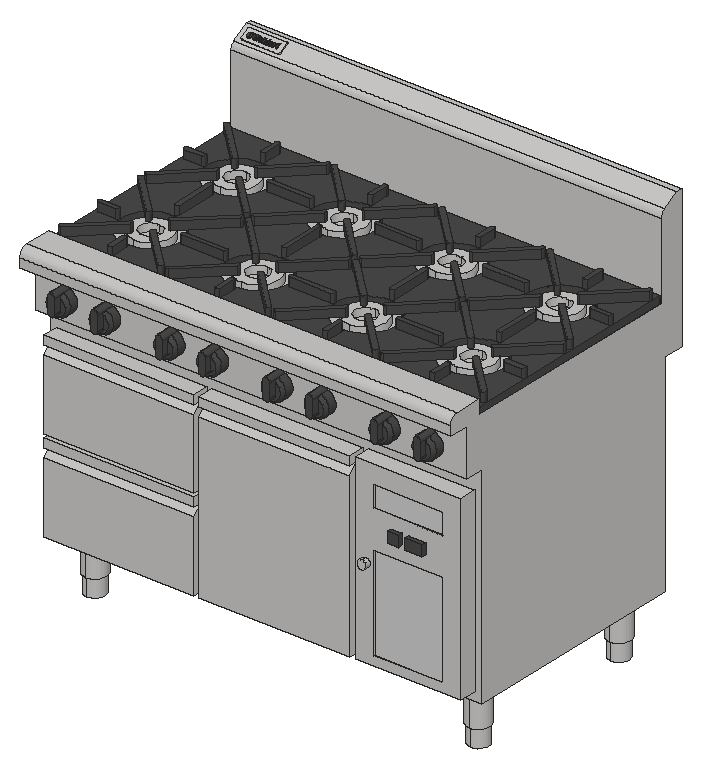
Revit family "QF_MOFFAT WALDORF_RN8800G-RB", category Specialty Equipment, Revit 2012 (continued)
Lines and regions (mm)
  symbolic lines
    curve 16: line (289.562, -20.984, 0) -> (269.562, -20.984, 0)
    curve 17: line (329.562, -20.984, 0) -> (329.562, -50.782, 0)
    curve 18: line (329.562, -50.782, 0) -> (349.562, -50.782, 0)
    curve 19: line (349.562, -50.782, 0) -> (349.562, -20.984, 0)
    curve 20: line (349.562, -20.984, 0) -> (329.562, -20.984, 0)
    curve 21: line (389.563, -50.782, 0) -> (389.563, -20.984, 0)
    curve 22: line (389.563, -20.984, 0) -> (409.563, -20.984, 0)
    curve 23: line (409.563, -20.984, 0) -> (409.563, -50.782, 0)
    curve 24: line (409.563, -50.782, 0) -> (389.563, -50.782, 0)
    curve 25: line (449.563, -20.984, 0) -> (449.563, -50.782, 0)
    curve 26: line (449.563, -50.782, 0) -> (469.563, -50.782, 0)
    curve 27: line (469.563, -50.782, 0) -> (469.563, -20.984, 0)
    curve 28: line (469.563, -20.984, 0) -> (449.563, -20.984, 0)
    curve 29: line (509.563, -20.984, 0) -> (509.563, -50.782, 0)
    curve 30: line (509.563, -50.782, 0) -> (529.563, -50.782, 0)
    curve 31: line (529.563, -50.782, 0) -> (529.563, -20.984, 0)
    curve 32: line (529.563, -20.984, 0) -> (509.563, -20.984, 0)
    curve 33: line (569.563, -50.782, 0) -> (569.563, -20.984, 0)
    curve 34: line (569.563, -20.984, 0) -> (589.563, -20.984, 0)
    curve 35: line (589.563, -20.984, 0) -> (589.563, -50.782, 0)
    curve 36: line (589.563, -50.782, 0) -> (569.563, -50.782, 0)
    curve 37: line (629.563, -20.984, 0) -> (629.563, -50.782, 0)
    curve 38: line (629.563, -50.782, 0) -> (649.563, -50.782, 0)
    curve 39: line (649.563, -50.782, 0) -> (649.563, -20.984, 0)
    curve 40: line (649.563, -20.984, 0) -> (629.563, -20.984, 0)
    curve 41: line (689.563, -20.984, 0) -> (689.563, -50.782, 0)
    curve 42: line (689.563, -50.782, 0) -> (709.563, -50.782, 0)
    curve 43: line (709.563, -50.782, 0) -> (709.563, -20.984, 0)
    curve 44: line (709.563, -20.984, 0) -> (689.563, -20.984, 0)
    curve 45: line (749.563, -50.782, 0) -> (749.563, -20.984, 0)
    curve 46: line (749.563, -20.984, 0) -> (769.563, -20.984, 0)
    curve 47: line (769.563, -20.984, 0) -> (769.563, -50.782, 0)
    curve 48: line (769.563, -50.782, 0) -> (749.563, -50.782, 0)
    curve 49: line (809.563, -20.984, 0) -> (809.563, -50.782, 0)
    curve 50: line (809.563, -50.782, 0) -> (829.563, -50.782, 0)
    curve 51: line (829.563, -50.782, 0) -> (829.563, -20.984, 0)
    curve 52: line (829.563, -20.984, 0) -> (809.563, -20.984, 0)
    curve 53: line (869.563, -20.984, 0) -> (869.563, -50.782, 0)
    curve 54: line (869.563, -50.782, 0) -> (889.563, -50.782, 0)
    curve 55: line (889.563, -50.782, 0) -> (889.563, -20.984, 0)
    curve 56: line (889.563, -20.984, 0) -> (869.563, -20.984, 0)
    curve 57: line (929.563, -50.782, 0) -> (929.563, -20.984, 0)
    curve 58: line (929.563, -20.984, 0) -> (949.563, -20.984, 0)
    curve 59: line (949.563, -20.984, 0) -> (949.563, -50.782, 0)
    curve 60: line (949.563, -50.782, 0) -> (929.563, -50.782, 0)
    curve 61: line (989.563, -20.984, 0) -> (989.563, -50.782, 0)
    curve 62: line (989.563, -50.782, 0) -> (1009.563, -50.782, 0)
    curve 63: line (1009.563, -50.782, 0) -> (1009.563, -20.984, 0)
    curve 64: line (1009.563, -20.984, 0) -> (989.563, -20.984, 0)
    curve 65: arc (150, -153.418, 0) -> (234.082, -237.5, 0) -> (150, -321.582, 0) r 84.082
    curve 66: arc (150, -321.582, 0) -> (65.918, -237.5, 0) -> (150, -153.418, 0) r 84.082
    curve 67: arc (150, -294.5, 0) -> (207, -237.5, 0) -> (150, -180.5, 0) r 57
    curve 68: arc (150, -180.5, 0) -> (93, -237.5, 0) -> (150, -294.5, 0) r 57
    curve 69: arc (450, -321.582, 0) -> (365.918, -237.5, 0) -> (450, -153.418, 0) r 84.082
    curve 70: arc (450, -153.418, 0) -> (534.082, -237.5, 0) -> (450, -321.582, 0) r 84.082
    curve 71: arc (450, -180.5, 0) -> (393, -237.5, 0) -> (450, -294.5, 0) r 57
    curve 72: arc (450, -294.5, 0) -> (507, -237.5, 0) -> (450, -180.5, 0) r 57
    curve 73: arc (450, -621.582, 0) -> (365.918, -537.5, 0) -> (450, -453.418, 0) r 84.082
    curve 74: arc (450, -453.418, 0) -> (534.082, -537.5, 0) -> (450, -621.582, 0) r 84.082
    curve 75: arc (450, -480.5, 0) -> (393, -537.5, 0) -> (450, -594.5, 0) r 57
    curve 76: arc (450, -594.5, 0) -> (507, -537.5, 0) -> (450, -480.5, 0) r 57
    curve 77: arc (150, -453.418, 0) -> (234.082, -537.5, 0) -> (150, -621.582, 0) r 84.082
    curve 78: arc (150, -621.582, 0) -> (65.918, -537.5, 0) -> (150, -453.418, 0) r 84.082
    curve 79: arc (150, -594.5, 0) -> (207, -537.5, 0) -> (150, -480.5, 0) r 57
    curve 80: arc (150, -480.5, 0) -> (93, -537.5, 0) -> (150, -594.5, 0) r 57
    curve 81: arc (750, -153.418, 0) -> (834.082, -237.5, 0) -> (750, -321.582, 0) r 84.082
    curve 82: arc (750, -321.582, 0) -> (665.918, -237.5, 0) -> (750, -153.418, 0) r 84.082
    curve 83: arc (750, -294.5, 0) -> (807, -237.5, 0) -> (750, -180.5, 0) r 57
    curve 84: arc (750, -180.5, 0) -> (693, -237.5, 0) -> (750, -294.5, 0) r 57
    curve 85: arc (750, -453.418, 0) -> (834.082, -537.5, 0) -> (750, -621.582, 0) r 84.082
    curve 86: arc (750, -621.582, 0) -> (665.918, -537.5, 0) -> (750, -453.418, 0) r 84.082
    curve 87: arc (750, -594.5, 0) -> (807, -537.5, 0) -> (750, -480.5, 0) r 57
    curve 88: arc (750, -480.5, 0) -> (693, -537.5, 0) -> (750, -594.5, 0) r 57
    curve 89: arc (1050, -321.582, 0) -> (965.918, -237.5, 0) -> (1050, -153.418, 0) r 84.082
    curve 90: arc (1050, -153.418, 0) -> (1134.082, -237.5, 0) -> (1050, -321.582, 0) r 84.082
    curve 91: arc (1050, -294.5, 0) -> (1107, -237.5, 0) -> (1050, -180.5, 0) r 57
    curve 92: arc (1050, -180.5, 0) -> (993, -237.5, 0) -> (1050, -294.5, 0) r 57
    curve 93: arc (1050, -621.582, 0) -> (965.918, -537.5, 0) -> (1050, -453.418, 0) r 84.082
    curve 94: arc (1050, -453.418, 0) -> (1134.082, -537.5, 0) -> (1050, -621.582, 0) r 84.082
    curve 95: arc (1050, -480.5, 0) -> (993, -537.5, 0) -> (1050, -594.5, 0) r 57
    curve 96: arc (1050, -594.5, 0) -> (1107, -537.5, 0) -> (1050, -480.5, 0) r 57
    curve 97: line (149.548, -91.559, 0) -> (149.548, -150.474, 0)
    curve 98: line (292.985, -93.673, 0) -> (177.661, -208.996, 0)
    curve 99: line (6.308, -93.805, 0) -> (122.981, -210.478, 0)
    curve 100: line (4.051, -237.21, 0) -> (62.934, -237.21, 0)
    curve 101: line (237.206, -237.685, 0) -> (362.206, -237.685, 0)
    curve 102: line (177.414, -264.855, 0) -> (292.362, -379.803, 0)
    curve 103: line (121.919, -265.123, 0) -> (7.026, -380.016, 0)
    curve 104: line (149.925, -324.847, 0) -> (149.925, -444.847, 0)
    curve 105: line (149.548, -683.441, 0) -> (149.548, -624.526, 0)
    curve 106: line (292.985, -681.327, 0) -> (177.661, -566.004, 0)
    curve 107: line (6.308, -681.195, 0) -> (122.981, -564.522, 0)
    curve 108: line (4.051, -537.79, 0) -> (62.934, -537.79, 0)
    curve 109: line (237.206, -537.315, 0) -> (362.206, -537.315, 0)
    curve 110: line (177.414, -510.145, 0) -> (292.362, -395.197, 0)
    curve 111: line (121.919, -509.877, 0) -> (7.026, -394.984, 0)
    curve 112: line (450.452, -91.559, 0) -> (450.452, -150.474, 0)
    curve 113: line (307.015, -93.673, 0) -> (422.339, -208.996, 0)
    curve 114: line (593.692, -93.805, 0) -> (477.019, -210.478, 0)
    curve 115: line (422.586, -264.855, 0) -> (307.638, -379.803, 0)
    curve 116: line (478.081, -265.123, 0) -> (592.974, -380.016, 0)
    curve 117: line (450.075, -324.847, 0) -> (450.075, -444.847, 0)
    curve 118: line (450.452, -683.441, 0) -> (450.452, -624.526, 0)
    curve 119: line (307.015, -681.327, 0) -> (422.339, -566.004, 0)
    curve 120: line (593.692, -681.195, 0) -> (477.019, -564.522, 0)
    curve 121: line (362.794, -537.315, 0) -> (237.794, -537.315, 0)
    curve 122: line (422.586, -510.145, 0) -> (307.638, -395.197, 0)
    curve 123: line (478.081, -509.877, 0) -> (592.974, -394.984, 0)
    curve 124: arc (1050, -153.418, 0) -> (965.918, -237.5, 0) -> (1050, -321.582, 0) r 84.082
    curve 125: arc (1050, -321.582, 0) -> (1134.082, -237.5, 0) -> (1050, -153.418, 0) r 84.082
    curve 126: arc (1050, -294.5, 0) -> (993, -237.5, 0) -> (1050, -180.5, 0) r 57
    curve 127: arc (1050, -180.5, 0) -> (1107, -237.5, 0) -> (1050, -294.5, 0) r 57
    curve 128: arc (750, -321.582, 0) -> (834.082, -237.5, 0) -> (750, -153.418, 0) r 84.082
    curve 129: arc (750, -153.418, 0) -> (665.918, -237.5, 0) -> (750, -321.582, 0) r 84.082
    curve 130: arc (750, -180.5, 0) -> (807, -237.5, 0) -> (750, -294.5, 0) r 57
    curve 131: arc (750, -294.5, 0) -> (693, -237.5, 0) -> (750, -180.5, 0) r 57
    curve 132: arc (750, -621.582, 0) -> (834.082, -537.5, 0) -> (750, -453.418, 0) r 84.082
    curve 133: arc (750, -453.418, 0) -> (665.918, -537.5, 0) -> (750, -621.582, 0) r 84.082
    curve 134: arc (750, -480.5, 0) -> (807, -537.5, 0) -> (750, -594.5, 0) r 57
    curve 135: arc (750, -594.5, 0) -> (693, -537.5, 0) -> (750, -480.5, 0) r 57
    curve 136: arc (1050, -453.418, 0) -> (965.918, -537.5, 0) -> (1050, -621.582, 0) r 84.082
    curve 137: arc (1050, -621.582, 0) -> (1134.082, -537.5, 0) -> (1050, -453.418, 0) r 84.082
    curve 138: arc (1050, -594.5, 0) -> (993, -537.5, 0) -> (1050, -480.5, 0) r 57
    curve 139: arc (1050, -480.5, 0) -> (1107, -537.5, 0) -> (1050, -594.5, 0) r 57
    curve 140: line (1050.452, -91.559, 0) -> (1050.452, -150.474, 0)
    curve 141: line (907.015, -93.673, 0) -> (1022.339, -208.996, 0)
    curve 142: line (1195.949, -237.21, 0) -> (1137.066, -237.21, 0)
    curve 143: line (962.794, -237.685, 0) -> (837.794, -237.685, 0)
    curve 144: line (1022.586, -264.855, 0) -> (907.638, -379.803, 0)
    curve 145: line (1078.081, -265.123, 0) -> (1192.974, -380.016, 0)
    curve 146: line (1050.075, -324.847, 0) -> (1050.075, -444.847, 0)
    curve 147: line (1050.452, -683.441, 0) -> (1050.452, -624.526, 0)
    curve 148: line (907.015, -681.327, 0) -> (1022.339, -566.004, 0)
    curve 149: line (1193.692, -681.195, 0) -> (1077.019, -564.522, 0)
    curve 150: line (1195.949, -537.79, 0) -> (1137.066, -537.79, 0)
    curve 151: line (962.794, -537.315, 0) -> (837.794, -537.315, 0)
    curve 152: line (1022.586, -510.145, 0) -> (907.638, -395.197, 0)
    curve 153: line (1078.081, -509.877, 0) -> (1192.974, -394.984, 0)
    curve 154: line (749.548, -91.559, 0) -> (749.548, -150.474, 0)
    curve 155: line (892.985, -93.673, 0) -> (777.661, -208.996, 0)
    curve 156: line (606.308, -93.805, 0) -> (722.981, -210.478, 0)
    curve 157: line (777.414, -264.855, 0) -> (892.362, -379.803, 0)
    curve 158: line (721.919, -265.123, 0) -> (607.026, -380.016, 0)
    curve 159: line (749.925, -324.847, 0) -> (749.925, -444.847, 0)
    curve 160: line (749.548, -683.441, 0) -> (749.548, -624.526, 0)
    curve 161: line (892.985, -681.327, 0) -> (777.661, -566.004, 0)
    curve 162: line (606.308, -681.195, 0) -> (722.981, -564.522, 0)
    curve 163: line (837.206, -537.315, 0) -> (962.206, -537.315, 0)
    curve 164: line (777.414, -510.145, 0) -> (892.362, -395.197, 0)
    curve 165: line (721.919, -509.877, 0) -> (607.026, -394.984, 0)
    curve 166: line (1192.985, -93.673, 0) -> (1077.661, -208.996, 0)
    curve 167: line (537.5, -237.685, 0) -> (662.5, -237.685, 0)
    curve 168: line (663.089, -537.315, 0) -> (538.089, -537.315, 0)
    curve 169: line (0, -387.5, 0) -> (1200, -387.5, 0)
    curve 170: line (300.379, -70, 0) -> (300.379, -705, 0)
    curve 171: line (600, -70, 0) -> (600, -705, 0)
    curve 172: line (900, -70, 0) -> (900, -705, 0)
    curve 173: line (1200, -805, 0) -> (1200, 0, 0)
    curve 174: line (0, -805, 0) -> (1200, -805, 0)
    curve 175: line (0, 0, 0) -> (0, -805, 0)
    curve 176: line (1200, -705, 0) -> (0, -705, 0)
    curve 177: line (0, -70, 0) -> (1200, -70, 0)
    curve 178: line (1200, 0, 0) -> (0, 0, 0)
  symbolic lines, style "QF_Door-Drawer Clearances"
    curve 179: line (19, -805, 150) -> (19, -1051.8, 150)
    curve 180: line (19, -1051.8, 150) -> (439, -1051.8, 150)
    curve 181: line (439, -1051.8, 150) -> (439, -805, 150)
    curve 182: arc (512.99, -963.316, 150) -> (477.409, -888.095, 150) -> (457.356, -807.336, 150) r 420
    curve 183: line (776.472, -805, 150) -> (512.99, -963.316, 150)
    curve 192: arc (1050, -507.5, 150) -> (1080, -537.5, 150) -> (1050, -567.5, 150) r 30
    curve 193: arc (1050, -567.5, 150) -> (1020, -537.5, 150) -> (1050, -507.5, 150) r 30
  symbolic lines, style "SpecialityEquipment"
    curve 184: arc (150, -207.5, 150) -> (180, -237.5, 150) -> (150, -267.5, 150) r 30
    curve 185: arc (150, -267.5, 150) -> (120, -237.5, 150) -> (150, -207.5, 150) r 30
    curve 186: arc (450, -267.5, 150) -> (420, -237.5, 150) -> (450, -207.5, 150) r 30
    curve 187: arc (450, -207.5, 150) -> (480, -237.5, 150) -> (450, -267.5, 150) r 30
    curve 188: arc (750, -267.5, 150) -> (720, -237.5, 150) -> (750, -207.5, 150) r 30
    curve 189: arc (750, -207.5, 150) -> (780, -237.5, 150) -> (750, -267.5, 150) r 30
    curve 190: arc (1050, -207.5, 150) -> (1080, -237.5, 150) -> (1050, -267.5, 150) r 30
    curve 191: arc (1050, -267.5, 150) -> (1020, -237.5, 150) -> (1050, -207.5, 150) r 30
    curve 194: arc (750, -507.5, 150) -> (780, -537.5, 150) -> (750, -567.5, 150) r 30
    curve 195: arc (750, -567.5, 150) -> (720, -537.5, 150) -> (750, -507.5, 150) r 30
    curve 196: arc (450, -507.5, 150) -> (480, -537.5, 150) -> (450, -567.5, 150) r 30
    curve 197: arc (450, -567.5, 150) -> (420, -537.5, 150) -> (450, -507.5, 150) r 30
    curve 198: arc (150, -507.5, 150) -> (180, -537.5, 150) -> (150, -567.5, 150) r 30
    curve 199: arc (150, -567.5, 150) -> (120, -537.5, 150) -> (150, -507.5, 150) r 30
    curve 200: arc (1050, -567.5, 150) -> (1020, -537.5, 150) -> (1050, -507.5, 150) r 30
    curve 201: arc (1050, -507.5, 150) -> (1080, -537.5, 150) -> (1050, -567.5, 150) r 30
Dimensions and locks
  equal spacing: plane 3 "LEFT", plane 7 "Center Y", plane 4 "RIGHT"
  plane 3 "LEFT" to plane 4 "RIGHT" = 1200.0 mm
  equal spacing: plane 5 "FRONT", plane 8 "Center X", plane 1 "BACK"
  plane 5 "FRONT" to plane 1 "BACK" = 805.0 mm
  "Base Height": plane 9 "Base Height" to level
  plane 6 "TOP" to level = 1130.0 mm
  plane 10 to plane 11 = 1069.0 mm
  "Body Height": plane 12 to level
  Extrusion 7 sketch curve to plane 13 = 64.8 mm
  Revolve 13 sketch curve to Revolve 13 sketch curve to Revolve 15 = 11.0 mm locked, 23.0 mm locked
  level to Extrusion 4 = 655.0 mm
  Extrusion 1 to Extrusion 25 = 19.0 mm
  Extrusion 26 sketch curve to Extrusion 26 sketch curve = 294.0 mm
  plane 15 to level = 402.0 mm
  plane 17 to plane 18 = 490.0 mm
  aligned and locked: level to plane 2
  aligned and locked: Extrusion 1 to Revolve 13 sketch curve
Automatic sketch dimensions
  curve 65 to curve 67 = 0.0 mm  (x2)
  curve 69 to curve 71 = 0.0 mm  (x2)
  curve 73 to curve 75 = 0.0 mm
  curve 74 to curve 76 = 0.0 mm
  curve 77 to curve 79 = 0.0 mm  (x2)
  curve 81 to curve 83 = 0.0 mm  (x2)
  curve 81 to curve 128 = 0.0 mm  (x3)
  curve 81 to curve 130 = 0.0 mm  (x2)
  curve 85 to curve 87 = 0.0 mm  (x2)
  curve 85 to curve 132 = 0.0 mm
  curve 85 to curve 134 = 0.0 mm  (x2)
  curve 86 to curve 133 = 0.0 mm
  curve 89 to curve 91 = 0.0 mm  (x2)
  curve 90 to curve 127 = 0.0 mm
  curve 91 to curve 126 = 0.0 mm  (x2)
  curve 93 to curve 95 = 0.0 mm  (x2)
  curve 94 to curve 136 = 0.0 mm
  curve 96 to curve 139 = 0.0 mm
  curve 125 to curve 127 = 0.0 mm  (x2)
  curve 137 to curve 139 = 0.0 mm  (x2)
  curve 171 to plane 7 "Center Y" = 0.0 mm
  curve 169 to plane 4 "RIGHT" = 0.0 mm
  plane 3 "LEFT" to curve 100 = 4.051 mm
  plane 3 "LEFT" to curve 108 = 4.051 mm
  plane 3 "LEFT" to curve 107 = 6.308 mm
  plane 3 "LEFT" to curve 99 = 6.308 mm
  plane 3 "LEFT" to curve 111 = 7.026 mm
  plane 3 "LEFT" to curve 103 = 7.026 mm
  plane 3 "LEFT" to curve 3 = 12.5 mm
  curve 100 to plane 11 = 2.066 mm
  curve 108 to plane 11 = 2.066 mm
  plane 11 to curve 4 = 56.5 mm
  plane 11 to curve 103 = 56.919 mm
  plane 11 to curve 111 = 56.919 mm
  curve 111 to curve 107 = 1.062 mm
  curve 103 to curve 99 = 1.062 mm
  curve 99 to curve 97 = 26.567 mm
  plane 11 to curve 105 = 84.548 mm
  curve 2 to curve 5 = 28.062 mm
  curve 103 to curve 104 = 28.006 mm
  curve 104 to curve 80 = 0.075 mm
  curve 104 to curve 68 = 0.075 mm
  curve 5 to curve 7 = 20.0 mm
  curve 65 to curve 102 = 27.414 mm
  curve 77 to curve 110 = 27.414 mm
  curve 67 to curve 98 = 27.661 mm
  curve 79 to curve 106 = 27.661 mm
  curve 6 to curve 9 = 40.0 mm
  curve 9 to curve 12 = 20.0 mm
  curve 102 to curve 101 = 59.792 mm
  curve 110 to curve 109 = 59.792 mm
  curve 109 to curve 121 = 0.589 mm  (x2)
  curve 10 to curve 13 = 40.0 mm
  curve 13 to curve 16 = 20.0 mm
  plane 8 "Center X" to curve 110 = 7.303 mm
  curve 104 to curve 110 = 142.437 mm
  plane 8 "Center X" to curve 102 = 22.697 mm
  curve 102 to curve 110 = 0.0 mm
  curve 105 to curve 106 = 143.437 mm
  plane 1 "BACK" to curve 98 = 93.673 mm
  curve 14 to curve 98 = 3.422 mm
  curve 14 to curve 170 = 10.817 mm
  curve 98 to curve 113 = 14.03 mm
  curve 106 to curve 119 = 14.03 mm
  plane 8 "Center X" to curve 122 = 7.303 mm
  curve 110 to curve 122 = 15.277 mm
  plane 8 "Center X" to curve 115 = 22.697 mm
  curve 102 to curve 115 = 15.277 mm
  curve 15 to curve 20 = 40.0 mm
  curve 17 to curve 19 = 20.0 mm
  curve 101 to curve 101 = 125.0 mm
  curve 121 to curve 109 = 124.411 mm
  curve 19 to curve 22 = 40.0 mm
  curve 21 to curve 23 = 20.0 mm
  curve 101 to curve 113 = 60.133 mm
  curve 121 to curve 119 = 59.544 mm
  curve 113 to curve 115 = 0.248 mm
  curve 119 to curve 122 = 0.248 mm
  curve 22 to curve 25 = 40.0 mm
  curve 122 to curve 73 = 27.414 mm
  curve 113 to curve 72 = 27.661 mm
  curve 74 to curve 117 = 0.075 mm
  curve 70 to curve 112 = 0.452 mm
  curve 73 to curve 118 = 0.452 mm
  curve 25 to curve 27 = 20.0 mm
  curve 73 to curve 120 = 27.019 mm
  curve 69 to curve 114 = 27.019 mm
  curve 73 to curve 123 = 28.081 mm
  curve 69 to curve 116 = 28.081 mm
  curve 26 to curve 30 = 40.0 mm
  curve 29 to curve 31 = 20.0 mm
  curve 167 to plane 7 "Center Y" = 62.5 mm
  curve 168 to plane 7 "Center Y" = 61.911 mm
  curve 33 to plane 7 "Center Y" = 30.437 mm
  curve 35 to plane 7 "Center Y" = 10.437 mm
  curve 123 to plane 7 "Center Y" = 7.026 mm
  curve 116 to plane 7 "Center Y" = 7.026 mm
  curve 120 to plane 7 "Center Y" = 6.308 mm
  curve 114 to plane 7 "Center Y" = 6.308 mm
  plane 7 "Center Y" to curve 156 = 6.308 mm
  plane 7 "Center Y" to curve 162 = 6.308 mm
  plane 7 "Center Y" to curve 165 = 7.026 mm
  plane 7 "Center Y" to curve 158 = 7.026 mm
  plane 7 "Center Y" to curve 37 = 29.563 mm
  curve 37 to curve 38 = 20.0 mm
  plane 7 "Center Y" to curve 167 = 62.5 mm
  plane 7 "Center Y" to curve 168 = 63.089 mm
  curve 38 to curve 41 = 40.0 mm
  curve 41 to curve 43 = 20.0 mm
  curve 167 to curve 158 = 59.419 mm
  curve 168 to curve 165 = 58.83 mm
  curve 158 to curve 156 = 1.062 mm
  curve 165 to curve 162 = 1.062 mm
  curve 162 to curve 160 = 26.567 mm
  curve 156 to curve 154 = 26.567 mm
  curve 43 to curve 45 = 40.0 mm
  curve 158 to curve 159 = 28.006 mm
  curve 159 to curve 128 = 0.075 mm
  curve 162 to curve 133 = 27.019 mm
  curve 45 to curve 47 = 20.0 mm
  curve 85 to curve 164 = 27.414 mm
  curve 81 to curve 157 = 27.414 mm
  curve 84 to curve 155 = 27.661 mm
  curve 134 to curve 161 = 27.661 mm
  curve 47 to curve 50 = 40.0 mm
  curve 49 to curve 51 = 20.0 mm
  curve 164 to curve 163 = 59.792 mm
  curve 163 to curve 151 = 0.589 mm  (x2)
  curve 157 to curve 143 = 60.381 mm
  curve 51 to curve 53 = 40.0 mm
  curve 53 to curve 55 = 20.0 mm
  plane 8 "Center X" to curve 164 = 7.303 mm
  curve 159 to curve 164 = 142.437 mm
  plane 8 "Center X" to curve 157 = 22.697 mm
  curve 157 to curve 164 = 0.0 mm
  curve 160 to curve 161 = 143.437 mm
  plane 1 "BACK" to curve 155 = 93.673 mm
  curve 54 to curve 155 = 3.422 mm
  curve 54 to curve 172 = 10.438 mm
  curve 161 to curve 148 = 14.03 mm
  plane 1 "BACK" to curve 141 = 93.673 mm
  curve 155 to curve 141 = 14.03 mm
  plane 8 "Center X" to curve 144 = 22.697 mm
  curve 157 to curve 144 = 15.277 mm
  plane 8 "Center X" to curve 152 = 7.303 mm
  curve 164 to curve 152 = 15.277 mm
  curve 55 to curve 58 = 40.0 mm
  curve 57 to curve 60 = 20.0 mm
  curve 151 to curve 163 = 124.411 mm
  curve 143 to curve 143 = 125.0 mm
  curve 59 to curve 62 = 40.0 mm
  curve 61 to curve 63 = 20.0 mm
  curve 143 to curve 141 = 59.544 mm
  curve 151 to curve 148 = 59.544 mm
  curve 148 to curve 152 = 0.248 mm
  curve 141 to curve 144 = 0.248 mm
  curve 148 to curve 139 = 27.661 mm
  curve 144 to curve 92 = 27.414 mm
  curve 125 to curve 146 = 0.075 mm
  curve 137 to curve 147 = 0.452 mm
  curve 62 to curve 140 = 40.89 mm
  curve 136 to curve 149 = 27.019 mm
  curve 126 to curve 166 = 27.661 mm
  curve 136 to curve 153 = 28.081 mm
  curve 124 to curve 145 = 28.081 mm
  plane 10 to curve 150 = 3.066 mm
  plane 10 to curve 142 = 3.066 mm
  plane 4 "RIGHT" to curve 145 = 7.026 mm
  plane 4 "RIGHT" to curve 153 = 7.026 mm
  plane 4 "RIGHT" to curve 166 = 7.015 mm
  plane 4 "RIGHT" to curve 149 = 6.308 mm
  plane 4 "RIGHT" to curve 150 = 4.051 mm
  plane 4 "RIGHT" to curve 142 = 4.051 mm
  curve 159 to plane 8 "Center X" = 42.347 mm
  curve 146 to plane 8 "Center X" = 42.347 mm
  curve 117 to plane 8 "Center X" = 42.347 mm
  curve 104 to plane 8 "Center X" = 42.347 mm
  curve 94 to curve 146 = 8.57 mm
  curve 73 to curve 117 = 8.57 mm
  curve 86 to curve 159 = 8.57 mm
  curve 137 to curve 94 = 0.0 mm
  curve 77 to curve 104 = 8.57 mm
  curve 133 to curve 86 = 0.0 mm
  curve 79 to curve 77 = 27.082 mm
  curve 96 to curve 93 = 27.082 mm
  curve 88 to curve 85 = 27.082 mm
  curve 75 to curve 73 = 27.082 mm
  curve 139 to curve 95 = 0.0 mm
  curve 135 to curve 87 = 0.0 mm
  curve 153 to curve 138 = 29.377 mm
  curve 123 to curve 75 = 29.377 mm
  curve 111 to curve 79 = 29.377 mm
  curve 165 to curve 134 = 29.377 mm
  curve 152 to curve 95 = 29.645 mm
  curve 122 to curve 76 = 29.645 mm
  curve 110 to curve 79 = 29.645 mm
  curve 164 to curve 88 = 29.645 mm
  curve 168 to curve 165 = 27.439 mm
  curve 151 to curve 164 = 27.171 mm
  curve 109 to curve 110 = 27.171 mm
  curve 163 to curve 151 = 0.0 mm
  curve 109 to curve 121 = 0.0 mm
  curve 73 to curve 122 = 27.355 mm
  curve 133 to curve 164 = 27.355 mm
  curve 95 to curve 152 = 27.355 mm
  curve 77 to curve 110 = 27.355 mm
  curve 150 to curve 153 = 27.913 mm
  curve 108 to curve 111 = 27.913 mm
  curve 149 to curve 136 = 27.022 mm
  curve 107 to curve 77 = 27.022 mm
  curve 120 to curve 73 = 27.022 mm
  curve 162 to curve 85 = 27.022 mm
  curve 95 to curve 148 = 28.496 mm
  curve 79 to curve 106 = 28.496 mm
  curve 75 to curve 119 = 28.496 mm
  curve 134 to curve 161 = 28.496 mm
  curve 118 to curve 74 = 2.944 mm
  curve 160 to curve 133 = 2.944 mm
  curve 105 to curve 78 = 2.944 mm
  curve 147 to curve 137 = 2.944 mm
  curve 107 to plane 5 "FRONT" = 123.805 mm
  curve 120 to curve 162 = 0.0 mm
  curve 149 to plane 5 "FRONT" = 123.805 mm
  curve 161 to curve 148 = 0.0 mm
  curve 106 to plane 5 "FRONT" = 123.673 mm
  curve 106 to curve 119 = 0.0 mm
  curve 105 to curve 105 = 58.914 mm
  curve 147 to curve 147 = 58.914 mm
  curve 118 to curve 118 = 58.914 mm
  curve 160 to curve 160 = 58.914 mm
  curve 172 to curve 148 = 23.673 mm
  curve 170 to curve 119 = 23.673 mm
  curve 171 to curve 162 = 23.805 mm
  plane 8 "Center X" to curve 123 = 7.516 mm
  plane 8 "Center X" to curve 153 = 7.516 mm
  plane 8 "Center X" to curve 165 = 7.516 mm
  plane 8 "Center X" to curve 111 = 7.516 mm
  curve 153 to curve 169 = 7.484 mm
  curve 165 to curve 158 = 14.968 mm
  curve 169 to curve 103 = 7.484 mm
  curve 169 to curve 145 = 7.484 mm
  curve 116 to curve 158 = 0.0 mm
  plane 8 "Center X" to curve 117 = 77.653 mm
  plane 8 "Center X" to curve 104 = 77.653 mm
  plane 8 "Center X" to curve 159 = 77.653 mm
  plane 8 "Center X" to curve 146 = 77.653 mm
  curve 104 to curve 65 = 3.265 mm
  curve 159 to curve 128 = 3.265 mm
  curve 146 to curve 90 = 3.265 mm
  curve 117 to curve 70 = 3.265 mm
  curve 125 to curve 90 = 0.0 mm
  curve 81 to curve 130 = 27.082 mm
  curve 84 to curve 131 = 0.0 mm
  curve 89 to curve 126 = 27.082 mm
  curve 65 to curve 68 = 27.082 mm
  curve 69 to curve 72 = 27.082 mm
  curve 127 to curve 145 = 29.377 mm
  curve 84 to curve 158 = 29.377 mm
  curve 68 to curve 103 = 29.377 mm
  curve 72 to curve 116 = 29.377 mm
  curve 130 to curve 157 = 29.645 mm
  curve 92 to curve 144 = 29.645 mm
  curve 67 to curve 102 = 29.645 mm
  curve 71 to curve 115 = 29.645 mm
  curve 102 to curve 101 = 27.171 mm
  curve 157 to curve 143 = 27.171 mm
  curve 116 to curve 167 = 27.439 mm
  curve 102 to curve 68 = 27.355 mm
  curve 115 to curve 69 = 27.355 mm
  curve 157 to curve 83 = 27.355 mm
  curve 144 to curve 127 = 27.355 mm
  curve 103 to curve 100 = 27.913 mm
  curve 145 to curve 142 = 27.913 mm
  curve 81 to curve 156 = 27.022 mm
  curve 69 to curve 114 = 27.022 mm
  curve 65 to curve 99 = 27.022 mm
  curve 166 to curve 126 = 28.496 mm
  curve 98 to curve 67 = 28.496 mm
  curve 113 to curve 72 = 28.496 mm
  curve 155 to curve 84 = 28.496 mm
  curve 141 to curve 91 = 28.496 mm
  curve 82 to curve 154 = 2.944 mm
  curve 66 to curve 97 = 2.944 mm
  curve 125 to curve 140 = 2.944 mm
  curve 70 to curve 112 = 2.944 mm
  plane 1 "BACK" to curve 99 = 93.805 mm
  curve 114 to curve 156 = 0.0 mm
  plane 1 "BACK" to curve 166 = 93.673 mm
  curve 97 to curve 97 = 58.914 mm
  curve 112 to curve 112 = 58.914 mm
  curve 154 to curve 154 = 58.914 mm
  curve 140 to curve 140 = 58.914 mm
  curve 156 to curve 171 = 23.805 mm
  curve 141 to curve 172 = 23.673 mm
  curve 113 to curve 170 = 23.673 mm
  curve 97 to curve 2 = 39.499 mm
  curve 170 to curve 18 = 19.218 mm
  plane 1 "BACK" to curve 41 = 50.782 mm
  plane 1 "BACK" to curve 62 = 50.782 mm
  curve 18 to curve 21 = 0.0 mm
  curve 42 to curve 45 = 0.0 mm
  curve 23 to curve 25 = 0.0 mm
  curve 47 to curve 49 = 0.0 mm
  curve 26 to curve 29 = 0.0 mm
  curve 39 to curve 41 = 0.0 mm
  curve 171 to curve 33 = 19.218 mm
  curve 2 to curve 5 = 1.278 mm
  curve 172 to curve 53 = 19.218 mm
  curve 172 to curve 57 = 19.218 mm
  curve 170 to curve 15 = 19.218 mm
  curve 7 to curve 12 = 0.0 mm
  plane 1 "BACK" to curve 1 = 21.784 mm
  plane 1 "BACK" to curve 63 = 20.984 mm
  plane 1 "BACK" to curve 39 = 20.984 mm
  plane 1 "BACK" to curve 9 = 20.984 mm
  plane 1 "BACK" to curve 7 = 20.984 mm
  plane 1 "BACK" to curve 13 = 20.984 mm
  plane 1 "BACK" to curve 35 = 20.984 mm
  plane 1 "BACK" to curve 59 = 20.984 mm
  plane 1 "BACK" to curve 56 = 20.984 mm
  plane 1 "BACK" to curve 52 = 20.984 mm
  plane 1 "BACK" to curve 17 = 20.984 mm
  plane 1 "BACK" to curve 32 = 20.984 mm
  plane 1 "BACK" to curve 28 = 20.984 mm
  plane 1 "BACK" to curve 23 = 20.984 mm
  plane 1 "BACK" to curve 47 = 20.984 mm
  plane 1 "BACK" to curve 44 = 20.984 mm
  plane 5 "FRONT" to curve 173 = 0.0 mm
  curve 174 to plane 3 "LEFT" = 0.0 mm
  plane 1 "BACK" to curve 175 = 0.0 mm
  Revolve 2 sketch curve to plane 6 "TOP" = 332.895 mm
  Revolve 2 sketch curve to plane 5 "FRONT" = 56.0 mm
  Revolve 2 sketch curve to plane 6 "TOP" = 300.395 mm
  Revolve 2 sketch curve to Revolve 2 sketch curve = 10.0 mm
  Revolve 2 sketch curve to Revolve 2 sketch curve = 21.3 mm
  Revolve 2 sketch curve to plane 5 "FRONT" = 23.0 mm
  Revolve 2 sketch curve to plane 5 "FRONT" = 12.0 mm
  Revolve 2 sketch curve to Revolve 2 sketch curve = 0.0 mm  (x2)
  Revolve 2 sketch curve to Revolve 2 sketch curve = 5.0 mm
  Revolve 2 sketch curve to plane 6 "TOP" = 306.243 mm
  Extrusion 3 sketch curve to plane 6 "TOP" = 306.0 mm
  plane 11 to Extrusion 3 sketch curve = 135.0 mm
  Extrusion 3 sketch curve to Extrusion 3 sketch curve = 10.0 mm
  Extrusion 3 sketch curve to plane 6 "TOP" = 344.997 mm
  plane 1 "BACK" to Extrusion 4 sketch curve = 32.0 mm
  Extrusion 4 sketch curve to plane 10 = 64.0 mm
  Revolve 5 sketch curve to plane 5 "FRONT" = 12.0 mm
  Revolve 5 sketch curve to Revolve 5 sketch curve = 0.0 mm  (x2)
  Revolve 5 sketch curve to Revolve 5 sketch curve = 11.0 mm
  Revolve 5 sketch curve to Revolve 5 sketch curve = 12.7 mm
  Revolve 5 sketch curve to Revolve 5 sketch curve = 23.0 mm
  Revolve 5 sketch curve to Revolve 5 sketch curve = 10.0 mm
  Revolve 5 sketch curve to plane 6 "TOP" = 300.627 mm
  Revolve 5 sketch curve to plane 6 "TOP" = 306.475 mm
  Revolve 5 sketch curve to plane 6 "TOP" = 328.127 mm
  Revolve 5 sketch curve to plane 6 "TOP" = 333.127 mm
  Extrusion 6 sketch curve to plane 6 "TOP" = 306.0 mm
  plane 11 to Extrusion 6 sketch curve = 35.0 mm
  Extrusion 6 sketch curve to Extrusion 6 sketch curve = 10.0 mm
  Extrusion 6 sketch curve to plane 6 "TOP" = 345.0 mm
  Extrusion 1 to Extrusion 7 sketch curve = 1.0 mm  (x2)
  Extrusion 7 sketch curve to Extrusion 7 sketch curve = 3.0 mm
  Extrusion 1 to Extrusion 7 sketch curve = 4.0 mm
  Extrusion 1 to Extrusion 7 sketch curve = 167.5 mm  (x4)
  Extrusion 7 sketch curve to Extrusion 1 = 167.5 mm  (x4)
  Extrusion 7 sketch curve to Extrusion 1 = 4.0 mm  (x2)
  Extrusion 7 sketch curve to Extrusion 1 = 1.0 mm
  Extrusion 1 to Extrusion 7 sketch curve = 150.0 mm  (x4)
  Extrusion 7 sketch curve to Extrusion 7 sketch curve = 0.0 mm
  Extrusion 8 sketch curve to Extrusion 7 = 22.602 mm  (x8)
  Extrusion 8 sketch curve to Extrusion 7 = 25.398 mm  (x8)
  Extrusion 8 sketch curve to Extrusion 8 sketch curve = 4.525 mm  (x64)
  Extrusion 8 sketch curve to Extrusion 8 sketch curve = 49.204 mm  (x7)
  Extrusion 8 sketch curve to Extrusion 8 sketch curve = 55.923 mm  (x30)
  Extrusion 8 sketch curve to Extrusion 8 sketch curve = 0.0 mm  (x26)
  Extrusion 8 sketch curve to Extrusion 8 sketch curve = 20.524 mm  (x22)
  Extrusion 8 sketch curve to Extrusion 8 sketch curve = 6.4 mm  (x22)
  Extrusion 8 sketch curve to Extrusion 8 sketch curve = 53.847 mm  (x32)
  Extrusion 8 sketch curve to Extrusion 7 = 5.102 mm  (x5)
  Extrusion 8 sketch curve to Extrusion 8 sketch curve = 128.447 mm  (x14)
  Extrusion 8 sketch curve to Extrusion 7 = 14.153 mm  (x2)
  Extrusion 8 sketch curve to Extrusion 8 sketch curve = 12.205 mm  (x20)
  Extrusion 8 sketch curve to Extrusion 8 sketch curve = 116.204 mm  (x10)
  Extrusion 8 sketch curve to Extrusion 7 = 7.898 mm  (x4)
  Extrusion 8 sketch curve to Extrusion 7 = 31.653 mm  (x5)
  Extrusion 8 sketch curve to Extrusion 7 = 57.102 mm
  Extrusion 1 to Split face 1 sketch curve = 5.177 mm
  Split face 1 sketch curve to Extrusion 1 = 9.153 mm
  Split face 1 sketch curve to Extrusion 1 = 149.563 mm
  Split face 1 sketch curve to Split face 1 sketch curve = 20.0 mm
  Revolve 9 sketch curve to plane 6 "TOP" = 332.895 mm
  Revolve 9 sketch curve to plane 5 "FRONT" = 56.0 mm
  Revolve 9 sketch curve to plane 6 "TOP" = 300.395 mm
  Revolve 9 sketch curve to Revolve 9 sketch curve = 10.0 mm
  Revolve 9 sketch curve to Revolve 9 sketch curve = 21.3 mm
  Revolve 9 sketch curve to plane 5 "FRONT" = 23.0 mm
  Revolve 9 sketch curve to plane 5 "FRONT" = 12.0 mm
  Revolve 9 sketch curve to Revolve 9 sketch curve = 0.0 mm  (x2)
  Revolve 9 sketch curve to Revolve 9 sketch curve = 5.0 mm
  Revolve 9 sketch curve to plane 6 "TOP" = 306.243 mm
  Extrusion 10 sketch curve to plane 6 "TOP" = 306.0 mm
  Extrusion 10 sketch curve to plane 7 "Center Y" = 100.0 mm
  Extrusion 10 sketch curve to Extrusion 10 sketch curve = 10.0 mm
  Extrusion 10 sketch curve to plane 6 "TOP" = 344.997 mm
  Revolve 11 sketch curve to plane 5 "FRONT" = 12.0 mm
  Revolve 11 sketch curve to Revolve 11 sketch curve = 0.0 mm  (x2)
  Revolve 11 sketch curve to Revolve 11 sketch curve = 11.0 mm
  Revolve 11 sketch curve to Revolve 11 sketch curve = 12.7 mm
  Revolve 11 sketch curve to Revolve 11 sketch curve = 23.0 mm
  Revolve 11 sketch curve to Revolve 11 sketch curve = 10.0 mm
  Revolve 11 sketch curve to plane 6 "TOP" = 300.627 mm
  Revolve 11 sketch curve to plane 6 "TOP" = 306.475 mm
  Revolve 11 sketch curve to plane 6 "TOP" = 328.127 mm
  Revolve 11 sketch curve to plane 6 "TOP" = 333.127 mm
  Extrusion 12 sketch curve to plane 6 "TOP" = 306.0 mm
  Extrusion 12 sketch curve to plane 7 "Center Y" = 200.0 mm
  Extrusion 12 sketch curve to Extrusion 12 sketch curve = 10.0 mm
  Extrusion 12 sketch curve to plane 6 "TOP" = 345.0 mm
  Revolve 13 sketch curve to Revolve 13 sketch curve = 23.0 mm
  Revolve 13 sketch curve to Revolve 13 sketch curve = 12.7 mm
  Revolve 13 sketch curve to Revolve 13 sketch curve = 0.0 mm
  Revolve 13 sketch curve to plane 6 "TOP" = 332.895 mm  (x2)
  Revolve 13 sketch curve to Revolve 13 sketch curve = 5.0 mm
  Revolve 13 sketch curve to plane 6 "TOP" = 306.243 mm
  Revolve 13 sketch curve to Revolve 13 sketch curve = 5.849 mm
  Extrusion 14 sketch curve to plane 6 "TOP" = 306.0 mm
  plane 7 "Center Y" to Extrusion 14 sketch curve = 199.375 mm
  Extrusion 14 sketch curve to Extrusion 14 sketch curve = 10.0 mm
  Extrusion 14 sketch curve to plane 6 "TOP" = 344.997 mm
  Revolve 15 sketch curve to plane 5 "FRONT" = 12.0 mm
  Revolve 15 sketch curve to Revolve 15 sketch curve = 0.0 mm  (x2)
  Revolve 15 sketch curve to Revolve 15 sketch curve = 11.0 mm
  Revolve 15 sketch curve to Revolve 15 sketch curve = 12.7 mm
  Revolve 15 sketch curve to Revolve 15 sketch curve = 23.0 mm
  Revolve 15 sketch curve to Revolve 15 sketch curve = 10.0 mm
  Revolve 15 sketch curve to plane 6 "TOP" = 300.627 mm
  Revolve 15 sketch curve to plane 6 "TOP" = 306.475 mm
  Revolve 15 sketch curve to plane 6 "TOP" = 328.127 mm
  Revolve 15 sketch curve to plane 6 "TOP" = 333.127 mm
  Extrusion 16 sketch curve to plane 6 "TOP" = 306.0 mm
  plane 7 "Center Y" to Extrusion 16 sketch curve = 99.375 mm
  Extrusion 16 sketch curve to Extrusion 16 sketch curve = 10.0 mm
  Extrusion 16 sketch curve to plane 6 "TOP" = 345.0 mm
  Revolve 17 sketch curve to plane 6 "TOP" = 332.895 mm
  Revolve 17 sketch curve to plane 5 "FRONT" = 56.0 mm
  Revolve 17 sketch curve to plane 6 "TOP" = 300.395 mm
  Revolve 17 sketch curve to Revolve 17 sketch curve = 10.0 mm
  Revolve 17 sketch curve to Revolve 17 sketch curve = 21.3 mm
  Revolve 17 sketch curve to plane 5 "FRONT" = 23.0 mm
  Revolve 17 sketch curve to plane 5 "FRONT" = 12.0 mm
  Revolve 17 sketch curve to Revolve 17 sketch curve = 0.0 mm  (x2)
  Revolve 17 sketch curve to plane 6 "TOP" = 306.243 mm
  Revolve 17 sketch curve to Revolve 17 sketch curve = 5.0 mm
  Extrusion 18 sketch curve to plane 6 "TOP" = 306.0 mm
  Extrusion 18 sketch curve to plane 10 = 134.0 mm
  Extrusion 18 sketch curve to Extrusion 18 sketch curve = 10.0 mm
  Extrusion 18 sketch curve to plane 6 "TOP" = 344.997 mm
  Revolve 19 sketch curve to plane 5 "FRONT" = 12.0 mm
  Revolve 19 sketch curve to Revolve 19 sketch curve = 0.0 mm
  Revolve 19 sketch curve to Revolve 19 sketch curve = 11.0 mm
  Revolve 19 sketch curve to Revolve 19 sketch curve = 12.7 mm
  Revolve 19 sketch curve to Revolve 19 sketch curve = 23.0 mm
  Revolve 19 sketch curve to Revolve 19 sketch curve = 10.0 mm
  Revolve 19 sketch curve to plane 6 "TOP" = 333.127 mm  (x2)
  Revolve 19 sketch curve to Revolve 19 sketch curve = 5.0 mm
  Revolve 19 sketch curve to plane 6 "TOP" = 306.475 mm
  Revolve 19 sketch curve to Revolve 19 sketch curve = 5.849 mm
  Extrusion 20 sketch curve to plane 6 "TOP" = 306.0 mm
  Extrusion 20 sketch curve to plane 10 = 34.0 mm
  Extrusion 20 sketch curve to Extrusion 20 sketch curve = 10.0 mm
  Extrusion 20 sketch curve to plane 6 "TOP" = 345.0 mm
  Extrusion 1 to Split face 2 sketch curve = 5.177 mm
  Split face 2 sketch curve to Extrusion 1 = 9.153 mm
  Split face 2 sketch curve to Extrusion 1 = 209.563 mm
  Split face 2 sketch curve to Split face 2 sketch curve = 20.0 mm
  Extrusion 1 to Split face 3 sketch curve = 5.177 mm
  Split face 3 sketch curve to Extrusion 1 = 9.153 mm
  Split face 3 sketch curve to Extrusion 1 = 269.563 mm
  Split face 3 sketch curve to Split face 3 sketch curve = 20.0 mm
  Extrusion 1 to Split face 4 sketch curve = 5.177 mm
  Split face 4 sketch curve to Extrusion 1 = 9.153 mm
  Split face 4 sketch curve to Extrusion 1 = 329.563 mm
  Split face 4 sketch curve to Split face 4 sketch curve = 20.0 mm
  Extrusion 1 to Split face 5 sketch curve = 5.177 mm
  Split face 5 sketch curve to Extrusion 1 = 9.153 mm
  Split face 5 sketch curve to Extrusion 1 = 389.563 mm
  Split face 5 sketch curve to Split face 5 sketch curve = 20.0 mm
  Extrusion 1 to Split face 6 sketch curve = 5.177 mm
  Split face 6 sketch curve to Extrusion 1 = 9.153 mm
  Split face 6 sketch curve to Extrusion 1 = 449.563 mm
  Split face 6 sketch curve to Split face 6 sketch curve = 20.0 mm
  Extrusion 1 to Split face 7 sketch curve = 5.177 mm
  Split face 7 sketch curve to Extrusion 1 = 9.153 mm
  Split face 7 sketch curve to Extrusion 1 = 509.563 mm
  Split face 7 sketch curve to Split face 7 sketch curve = 20.0 mm
  Extrusion 1 to Split face 8 sketch curve = 5.177 mm
  Split face 8 sketch curve to Extrusion 1 = 9.153 mm
  Split face 8 sketch curve to Extrusion 1 = 569.563 mm
  Split face 8 sketch curve to Split face 8 sketch curve = 20.0 mm
  Extrusion 1 to Split face 9 sketch curve = 5.177 mm
  Split face 9 sketch curve to Extrusion 1 = 9.153 mm
  Split face 9 sketch curve to Extrusion 1 = 570.437 mm
  Split face 9 sketch curve to Split face 9 sketch curve = 20.0 mm
  Extrusion 1 to Split face 10 sketch curve = 5.177 mm
  Split face 10 sketch curve to Extrusion 1 = 9.153 mm
  Split face 10 sketch curve to Extrusion 1 = 510.437 mm
  Split face 10 sketch curve to Split face 10 sketch curve = 20.0 mm
  Extrusion 1 to Split face 11 sketch curve = 5.177 mm
  Split face 11 sketch curve to Extrusion 1 = 9.153 mm
  Split face 11 sketch curve to Extrusion 1 = 450.437 mm
  Split face 11 sketch curve to Split face 11 sketch curve = 20.0 mm
  Extrusion 1 to Split face 12 sketch curve = 5.177 mm
  Split face 12 sketch curve to Extrusion 1 = 9.153 mm
  Split face 12 sketch curve to Extrusion 1 = 390.437 mm
  Split face 12 sketch curve to Split face 12 sketch curve = 20.0 mm
  Extrusion 1 to Split face 13 sketch curve = 5.177 mm
  Split face 13 sketch curve to Extrusion 1 = 9.153 mm
  Split face 13 sketch curve to Extrusion 1 = 330.437 mm
  Split face 13 sketch curve to Split face 13 sketch curve = 20.0 mm
  Extrusion 1 to Split face 14 sketch curve = 5.177 mm
  Split face 14 sketch curve to Extrusion 1 = 9.153 mm
  Split face 14 sketch curve to Extrusion 1 = 270.437 mm
  Split face 14 sketch curve to Split face 14 sketch curve = 20.0 mm
  Extrusion 1 to Split face 15 sketch curve = 5.177 mm
  Split face 15 sketch curve to Extrusion 1 = 9.153 mm
  Split face 15 sketch curve to Extrusion 1 = 210.437 mm
  Split face 15 sketch curve to Split face 15 sketch curve = 20.0 mm
  Revolve 21 sketch curve to plane 9 "Base Height" = 0.0 mm
  Revolve 21 sketch curve to level = 0.0 mm
  level to Revolve 21 sketch curve = 50.0 mm
  plane 1 "BACK" to Revolve 21 sketch curve = 166.75 mm
  Revolve 21 sketch curve to Revolve 21 sketch curve = 4.25 mm
  Revolve 21 sketch curve to Revolve 21 sketch curve = 27.5 mm  (x2)
  Revolve 21 sketch curve to Revolve 21 sketch curve = 55.0 mm
  Revolve 21 sketch curve to Revolve 21 sketch curve = 0.0 mm
  Revolve 22 sketch curve to plane 9 "Base Height" = 0.0 mm
  Revolve 22 sketch curve to level = 0.0 mm
  level to Revolve 22 sketch curve = 50.0 mm
  Revolve 22 sketch curve to plane 5 "FRONT" = 148.25 mm
  Revolve 22 sketch curve to Revolve 22 sketch curve = 4.25 mm
  Revolve 22 sketch curve to Revolve 22 sketch curve = 27.5 mm  (x2)
  Revolve 22 sketch curve to Revolve 22 sketch curve = 55.0 mm
  Revolve 22 sketch curve to Revolve 22 sketch curve = 0.0 mm
  Revolve 23 sketch curve to plane 9 "Base Height" = 0.0 mm
  Revolve 23 sketch curve to level = 0.0 mm
  level to Revolve 23 sketch curve = 50.0 mm
  plane 1 "BACK" to Revolve 23 sketch curve = 166.75 mm
  Revolve 23 sketch curve to Revolve 23 sketch curve = 4.25 mm
  Revolve 23 sketch curve to Revolve 23 sketch curve = 27.5 mm  (x2)
  Revolve 23 sketch curve to Revolve 23 sketch curve = 0.0 mm
  Revolve 23 sketch curve to Revolve 23 sketch curve = 55.0 mm
  Revolve 24 sketch curve to plane 9 "Base Height" = 0.0 mm
  Revolve 24 sketch curve to level = 0.0 mm
  level to Revolve 24 sketch curve = 50.0 mm
  Revolve 24 sketch curve to plane 5 "FRONT" = 148.25 mm
  Revolve 24 sketch curve to Revolve 24 sketch curve = 4.25 mm
  Revolve 24 sketch curve to Revolve 24 sketch curve = 27.5 mm  (x2)
  Revolve 24 sketch curve to Revolve 24 sketch curve = 0.0 mm
  Revolve 24 sketch curve to Revolve 24 sketch curve = 55.0 mm
  Extrusion 1 sketch curve to plane 5 "FRONT" = 0.0 mm
  Extrusion 1 sketch curve to plane 12 = 0.0 mm
  Extrusion 1 sketch curve to plane 6 "TOP" = 0.0 mm
  Extrusion 1 sketch curve to plane 5 "FRONT" = 24.0 mm
  Extrusion 1 sketch curve to plane 5 "FRONT" = 56.0 mm
  Extrusion 1 sketch curve to Extrusion 1 sketch curve = 44.0 mm
  plane 1 "BACK" to Extrusion 1 sketch curve = 70.0 mm
  Extrusion 1 sketch curve to Extrusion 1 sketch curve = 11.291 mm  (x2)
  Extrusion 1 sketch curve to Extrusion 1 sketch curve = 16.5 mm
  Extrusion 1 sketch curve to plane 12 = 180.0 mm
  Extrusion 1 sketch curve to Extrusion 1 sketch curve = 25.0 mm
  Extrusion 1 sketch curve to Extrusion 1 sketch curve = 40.0 mm
  Extrusion 1 sketch curve to plane 6 "TOP" = 43.926 mm
  plane 1 "BACK" to Extrusion 1 sketch curve = 57.0 mm
  Extrusion 1 sketch curve to plane 9 "Base Height" = 0.0 mm
  Extrusion 1 sketch curve to plane 1 "BACK" = 0.0 mm
  Extrusion 1 sketch curve to Extrusion 1 sketch curve = 52.0 mm
  Extrusion 1 sketch curve to Extrusion 1 sketch curve = 131.0 mm
  Extrusion 25 sketch curve to plane 5 "FRONT" = 58.0 mm  (x2)
  Extrusion 25 sketch curve to Extrusion 25 sketch curve = 0.0 mm  (x2)
  Extrusion 25 sketch curve to Extrusion 25 sketch curve = 25.0 mm  (x6)
  Extrusion 25 sketch curve to Extrusion 25 sketch curve = 44.82 mm
  Extrusion 25 sketch curve to Extrusion 25 sketch curve = 19.82 mm
  plane 9 "Base Height" to Extrusion 25 sketch curve = 24.0 mm
  Extrusion 25 sketch curve to Extrusion 25 sketch curve = 197.0 mm  (x2)
  Extrusion 25 sketch curve to Extrusion 25 sketch curve = 10.0 mm
  Extrusion 27 sketch curve to Extrusion 26 = 34.46 mm  (x2)
  Extrusion 27 sketch curve to Extrusion 27 sketch curve = 30.0 mm  (x2)
  Extrusion 27 sketch curve to Extrusion 27 sketch curve = 0.0 mm
  Extrusion 27 sketch curve to Extrusion 27 sketch curve = 17.577 mm
  Extrusion 26 to Extrusion 27 sketch curve = 47.685 mm
  Extrusion 26 to Extrusion 28 sketch curve = 39.229 mm
  Extrusion 28 sketch curve to Extrusion 26 = 27.856 mm
  Extrusion 29 sketch curve to Extrusion 26 = 0.0 mm  (x5)
  Extrusion 26 to Extrusion 29 sketch curve = 0.0 mm
  plane 9 "Base Height" to Extrusion 30 sketch curve = 24.0 mm
  Extrusion 30 sketch curve to Extrusion 30 sketch curve = 247.0 mm
  Extrusion 30 sketch curve to Extrusion 30 sketch curve = 10.0 mm
  plane 3 "LEFT" to Extrusion 30 sketch curve = 19.0 mm  (x2)
  Extrusion 30 sketch curve to plane 12 = 237.0 mm
  Extrusion 30 sketch curve to plane 7 "Center Y" = 161.0 mm
  Extrusion 30 sketch curve to Extrusion 30 sketch curve = 0.0 mm
  Extrusion 1 to Extrusion 26 sketch curve = 57.0 mm
  Extrusion 26 sketch curve to Extrusion 26 sketch curve = 50.0 mm  (x4)
  Extrusion 26 sketch curve to Extrusion 26 sketch curve = 60.0 mm
  Extrusion 26 sketch curve to Extrusion 26 sketch curve = 104.0 mm
  Extrusion 1 to Extrusion 26 sketch curve = 49.0 mm
  Extrusion 1 to Extrusion 26 sketch curve = 24.0 mm
  Extrusion 1 to Extrusion 26 sketch curve = 313.0 mm
  Extrusion 1 to Extrusion 26 sketch curve = 69.0 mm
  Extrusion 27 sketch curve to Extrusion 26 = 148.003 mm
  Extrusion 29 sketch curve to Extrusion 26 = 50.0 mm
  Extrusion 29 sketch curve to Extrusion 29 sketch curve = 0.0 mm
  Extrusion 31 sketch curve to plane 5 "FRONT" = 58.0 mm  (x2)
  Extrusion 31 sketch curve to Extrusion 31 sketch curve = 25.0 mm  (x3)
  Extrusion 31 sketch curve to Extrusion 31 sketch curve = 19.82 mm
  plane 9 "Base Height" to Extrusion 31 sketch curve = 24.0 mm
  Extrusion 31 sketch curve to Extrusion 31 sketch curve = 454.0 mm
  Extrusion 32 sketch curve to Extrusion 31 = 0.0 mm  (x2)
  Extrusion 31 to Extrusion 32 sketch curve = 0.0 mm
  plane 5 "FRONT" to curve 183 = 0.0 mm
  plane 5 "FRONT" to curve 181 = 0.0 mm
  plane 5 "FRONT" to curve 179 = 0.0 mm
  curve 182 to plane 5 "FRONT" = 58.0 mm
  curve 182 to plane 10 = 261.0 mm
  curve 182 to curve 183 = 96.528 mm
  curve 182 to plane 7 "Center Y" = 87.01 mm
  plane 5 "FRONT" to curve 182 = 2.336 mm
  curve 182 to plane 7 "Center Y" = 142.644 mm
  curve 182 to curve 181 = 18.356 mm
  plane 3 "LEFT" to curve 179 = 19.0 mm
  plane 5 "FRONT" to curve 180 = 246.8 mm
  Extrusion 33 sketch curve to Extrusion 1 = 252.0 mm
  Extrusion 1 to Extrusion 33 sketch curve = 227.0 mm
  Extrusion 7 sketch curve to Extrusion 7 sketch curve = 300.0 mm  (x3)
  Extrusion 34 sketch curve to Extrusion 34 sketch curve = 0.0 mm  (x98)
  Extrusion 1 to Extrusion 34 sketch curve = 110.5 mm  (x4)
  Extrusion 34 sketch curve to Extrusion 34 sketch curve = 27.0 mm  (x8)
  Extrusion 34 sketch curve to Extrusion 34 sketch curve = 30.0 mm  (x8)
  Extrusion 34 sketch curve to Extrusion 34 sketch curve = 186.0 mm  (x4)
  Extrusion 1 to Extrusion 34 sketch curve = 150.0 mm  (x4)
  Extrusion 34 sketch curve to Extrusion 34 sketch curve = 300.0 mm  (x2)
  plane 11 to curve 185 = 85.0 mm
  curve 185 to plane 18 = 132.5 mm
  curve 184 to curve 184 = 30.0 mm
  curve 187 to plane 7 "Center Y" = 150.0 mm
  curve 187 to plane 18 = 72.5 mm
  curve 186 to curve 186 = 30.0 mm
  plane 7 "Center Y" to curve 188 = 150.0 mm
  curve 189 to plane 18 = 72.5 mm
  curve 188 to curve 188 = 30.0 mm
  plane 16 to curve 190 = 77.0 mm
  curve 191 to plane 18 = 72.5 mm
  curve 190 to curve 190 = 30.0 mm
  plane 16 to curve 192 = 77.0 mm
  curve 193 to plane 8 "Center X" = 105.0 mm
  curve 192 to curve 192 = 30.0 mm
  plane 7 "Center Y" to curve 194 = 150.0 mm
  curve 194 to plane 8 "Center X" = 105.0 mm
  curve 194 to curve 194 = 30.0 mm
  curve 197 to plane 7 "Center Y" = 150.0 mm
  curve 197 to plane 8 "Center X" = 105.0 mm
  curve 196 to curve 196 = 30.0 mm
  plane 11 to curve 199 = 85.0 mm
  curve 199 to plane 8 "Center X" = 105.0 mm
  curve 198 to curve 199 = 30.0 mm
  curve 192 to curve 200 = 0.0 mm  (x2)
  curve 200 to curve 193 = 0.0 mm
  radius of Extrusion 4 sketch curve = 13.5 mm
  radius of Extrusion 7 sketch curve = 84.082 mm  (x8)
  radius of Extrusion 28 sketch curve = 12.395 mm
  radius of Extrusion 33 sketch curve = 6.35 mm
Nested families
  nested 1: "RN8800G-RB-CASTERS" at (65, -135, 0), Show Casters <- "Show Casters", visible <- "Show Casters", type "RN8800G-RB-CASTERS"
    with Type Mark "", Status "", Specification by User "", Show Casters no, Revision Code "", Item Number "", Installed By "", Identify Quantity as Lot yes, Furnished By "", Foodservice Equipment Identifier yes
  nested 2: "RN8800G-RB-CASTERS" at (1134, -135, 0), Show Casters <- "Show Casters", visible <- "Show Casters", type "RN8800G-RB-CASTERS"
    with Type Mark "", Status "", Specification by User "", Show Casters no, Revision Code "", Item Number "", Installed By "", Identify Quantity as Lot yes, Furnished By "", Foodservice Equipment Identifier yes
  nested 3: "WALDORF LOGO_FACE BASE" at (12.302, -22.979, 1126.26) x (1, 0, 0) z (0, -0.5, 0.866), visible <- "Show Logo", type "WALDORF LOGO_FACE BASE", detail levels medium+fine
    with Show Logo yes
Connectors
  piping at (1070, -32, 655)
    settings: on Extrusion 4, index 1, connector radius 0.37402", flow factor 0, pipe flow 0 GPM, pressure drop 0.00 psi, fitting loss kfactor 0, connector angle 0.00°, fixture units 0, engagement length 0.0 mm, flow configuration 1, flow direction 1, fitting loss method 0, system type 7, joint type 0, gender type 0, connector reference index -1, connector utility 0, adjustable connector no, is connector primary yes, fitting loss table "", connector description "GAS CONNECTION"
  electrical at (973, -55.4, 402)
    settings: on Extrusion 33, index 2, voltage 0 V, apparent load 0 VA, apparent load phase1 0 VA, apparent load phase2 0 VA, apparent load phase3 0 VA, power factor 1, load classification "Other", number of poles 1, system type 30, power factor state 1, is connector primary yes, connector utility no, sub classification motor no, connector description "ELECTRICAL CONNECTION"
Definition of nested family "WALDORF LOGO_FACE BASE"
  Parameters (values of type "WALDORF LOGO_FACE BASE")
    Show Logo [instance] = yes
    Default Elevation = 1219.2 mm
  Reference planes
    plane 1 "Center (Front/Back)": y = 0
    plane 2: z = 0
    plane 3 "Center (Left/Right)": x = 0
  Forms (mm)
    Extrusion 1, solid
      sketch origin (0, 0, 0) x (1, 0, 0) y (0, 1, 0)
        loop
          line (-1219.2, 1219.2) -> (-1219.2, -1219.2) -> (1219.2, -1219.2) -> (1219.2, 1219.2) -> (-1219.2, 1219.2)
      from 0 to -304.8
    Extrusion 2, solid, material "QF_Finishes_Stainless Steel", visible <- "Show Logo"
      sketch origin (0, -33.217, 0) x (1, 0, 0) y (0, 1, 0)
        loop
          arc (5, 34.14) -> (1.464, 32.676) -> (0, 29.14) r 5
          line (0, 29.14) -> (0, 5)
          arc (0, 5) -> (1.464, 1.464) -> (5, 0) r 5
          line (5, 0) -> (104, 0)
          arc (104, 0) -> (107.536, 1.464) -> (109, 5) r 5
          line (109, 5) -> (109, 29.14)
          arc (109, 29.14) -> (107.536, 32.676) -> (104, 34.14) r 5
          line (104, 34.14) -> (5, 34.14)
      from 0 to 1.588
    Extrusion 3, solid, material "QF_Finishes_Black", visible <- "Show Logo"
      sketch origin (0, -33.217, 1.588) x (1, 0, 0) y (0, 1, 0)
        loop
          line (24.772, 23.214) -> (27.992, 10.301) -> (31.551, 10.301) -> (33.443, 17.364) -> (35.205, 10.301) -> (39.332, 10.301) -> (42.077, 23.214) -> (38.352, 23.214) -> (36.676, 15.33) -> (35, 23.214) -> (31.752, 23.214) -> (30.076, 15.33) -> (28.4, 23.214) -> (24.772, 23.214)
        loop
          line (42.272, 17.055) -> (45.703, 17.055)
          spline (45.703, 17.055) -> (45.741, 17.285) -> (45.852, 17.499) -> (46.028, 17.682) -> (46.258, 17.823) -> (46.526, 17.912) -> (46.813, 17.942) -> (47.1, 17.912) -> (47.368, 17.823) -> (47.597, 17.682) -> (47.774, 17.499) -> (47.884, 17.285) -> (47.922, 17.055)
          line (47.922, 17.055) -> (47.922, 16.222)
          arc (47.922, 16.222) -> (45.742, 16.014) -> (43.665, 15.317) r 9.604
          arc (43.665, 15.317) -> (41.924, 12.809) -> (43.665, 10.301) r 2.677
          arc (43.665, 10.301) -> (45.527, 10.353) -> (47.332, 10.816) r 8.365
          line (47.332, 10.816) -> (48.092, 11.105) -> (48.092, 10.301) -> (51.817, 10.301) -> (51.817, 17.055)
          spline (51.817, 17.055) -> (51.654, 17.821) -> (51.178, 18.535) -> (50.419, 19.148) -> (49.431, 19.619) -> (48.28, 19.914) -> (47.044, 20.015) -> (45.809, 19.914) -> (44.658, 19.619) -> (43.67, 19.148) -> (42.911, 18.535) -> (42.434, 17.821) -> (42.272, 17.055)
        loop
          line (53.151, 23.214) -> (53.151, 10.301) -> (57.37, 10.301) -> (57.37, 23.214) -> (53.151, 23.214)
        loop
          line (64.874, 23.214) -> (64.874, 18.857)
          arc (64.874, 18.857) -> (58.083, 15.11) -> (64.874, 11.363) r 4.429
          line (64.874, 11.363) -> (64.874, 10.301) -> (68.378, 10.301) -> (68.378, 23.214) -> (64.874, 23.214)
        loop
          arc (64.874, 16.083) -> (61.41, 14.987) -> (64.874, 13.891) r 1.905
          line (64.874, 13.891) -> (64.874, 16.083)
        loop
          circle (74.623, 15.223) r 5
        loop
          spline (74.623, 17.856) -> (74.355, 17.766) -> (74.105, 17.503) -> (73.891, 17.084) -> (73.726, 16.539) -> (73.623, 15.904) -> (73.588, 15.223) -> (73.623, 14.541) -> (73.726, 13.906) -> (73.891, 13.361) -> (74.105, 12.942) -> (74.355, 12.679) -> (74.623, 12.59)
          spline (74.623, 12.59) -> (74.891, 12.679) -> (75.141, 12.942) -> (75.355, 13.361) -> (75.52, 13.906) -> (75.623, 14.541) -> (75.659, 15.223) -> (75.623, 15.904) -> (75.52, 16.539) -> (75.355, 17.084) -> (75.141, 17.503) -> (74.891, 17.766) -> (74.623, 17.856)
        loop
          line (81.255, 19.813) -> (81.255, 10.301) -> (84.834, 10.301) -> (84.834, 14.176)
          arc (84.834, 14.176) -> (85.854, 16.093) -> (88.013, 16.32) r 2.313
          line (88.013, 16.32) -> (88.013, 19.813) -> (87.161, 19.813)
          arc (87.161, 19.813) -> (85.526, 19.266) -> (84.549, 17.844) r 2.717
          line (84.549, 17.844) -> (84.549, 19.813) -> (81.255, 19.813)
        loop
          line (90.249, 19.813) -> (88.91, 19.813) -> (88.91, 17.614) -> (90.249, 17.614) -> (90.249, 10.301) -> (93.998, 10.301) -> (93.998, 17.614) -> (95.418, 17.614) -> (95.418, 19.813) -> (93.998, 19.813)
          arc (93.998, 19.813) -> (94.414, 20.817) -> (95.418, 21.233) r 1.42
          line (95.418, 21.233) -> (95.418, 23.602) -> (93.317, 23.602)
          arc (93.317, 23.602) -> (91.343, 22.903) -> (90.249, 21.118) r 3.137
